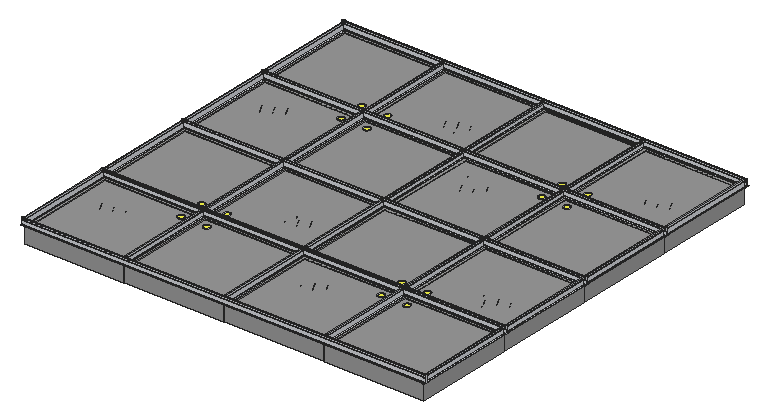
Revit family "GRD-FPG-019_FOLDED PLUG GRID_RFA", category Modelos genéricos, Revit 2022 (continued)
Definition of nested family "GRD-TLE-021_TILE 001_RFA"
  Forms (in)
    Extrusion 300, solid, not visible
      sketch origin (72.02767, 154.90856, 0) x (1, 0, 0) y (0, 0, 1)
        loop
          line (0.54761, 1.7291) -> (0.54761, 2.15016) -> (0.45704, 2.24072)
          arc (0.45704, 2.24072) -> (0.44027, 2.24767) -> (0.42351, 2.24072) r 0.02371
          line (0.42351, 2.24072) -> (0.33294, 2.15016) -> (0.33294, 1.7291)
      from 58.93614 to 81.99864
    Extrusion 301, solid, not visible
      sketch origin (96.02767, 154.90856, 0) x (1, 0, 0) y (0, 0, 1)
        loop
          line (0.42221, 1.66259) -> (0.42231, 0.67354)
          arc (0.42231, 0.67354) -> (0.41009, 0.64403) -> (0.38057, 0.6318) r 0.04174
          line (0.38057, 0.6318) -> (-0.00639, 0.6318) -> (-0.00639, 0.59057) -> (0.8874, 0.59057) -> (0.8874, 0.6318) -> (0.49998, 0.6318)
          arc (0.49998, 0.6318) -> (0.47046, 0.64403) -> (0.45824, 0.67354) r 0.04174
          line (0.45824, 0.67354) -> (0.45834, 1.66259)
          arc (0.45834, 1.66259) -> (0.46543, 1.67969) -> (0.48252, 1.68677) r 0.02418
          line (0.48252, 1.68677) -> (0.52252, 1.68677)
          arc (0.52252, 1.68677) -> (0.55303, 1.69941) -> (0.56566, 1.72991) r 0.04314
          line (0.56566, 1.72991) -> (0.56566, 2.14095)
          arc (0.56566, 2.14095) -> (0.5626, 2.15637) -> (0.55386, 2.16944) r 0.04029
          line (0.55386, 2.16944) -> (0.47053, 2.25277)
          arc (0.47053, 2.25277) -> (0.44027, 2.2653) -> (0.41002, 2.25277) r 0.04279
          line (0.41002, 2.25277) -> (0.32669, 2.16944)
          arc (0.32669, 2.16944) -> (0.31795, 2.15637) -> (0.31489, 2.14095) r 0.04029
          line (0.31489, 2.14095) -> (0.31489, 1.72991)
          arc (0.31489, 1.72991) -> (0.32752, 1.69941) -> (0.35803, 1.68677) r 0.04314
          line (0.35803, 1.68677) -> (0.39803, 1.68677)
          arc (0.39803, 1.68677) -> (0.41512, 1.67969) -> (0.42221, 1.66259) r 0.02418
        loop
          arc (0.33294, 1.7291) -> (0.34005, 1.71194) -> (0.35722, 1.70483) r 0.02428
          line (0.35722, 1.70483) -> (0.39815, 1.70483)
          arc (0.39815, 1.70483) -> (0.42797, 1.69248) -> (0.44023, 1.66266) r 0.04217
          arc (0.44023, 1.66266) -> (0.45258, 1.69248) -> (0.4824, 1.70483) r 0.04217
          line (0.4824, 1.70483) -> (0.52333, 1.70483)
          arc (0.52333, 1.70483) -> (0.54049, 1.71194) -> (0.54761, 1.7291) r 0.02428
          line (0.54761, 1.7291) -> (0.54761, 2.15016) -> (0.45704, 2.24072)
          arc (0.45704, 2.24072) -> (0.44027, 2.24767) -> (0.42351, 2.24072) r 0.02371
          line (0.42351, 2.24072) -> (0.33294, 2.15016) -> (0.33294, 1.7291)
      from 58.93614 to 81.99864
    Extrusion 302, solid, not visible
      sketch origin (24.02767, 154.90856, 0) x (1, 0, 0) y (0, 0, 1)
        loop
          line (0.42221, 1.66259) -> (0.42231, 0.67354)
          arc (0.42231, 0.67354) -> (0.41009, 0.64403) -> (0.38057, 0.6318) r 0.04174
          line (0.38057, 0.6318) -> (-0.00639, 0.6318) -> (-0.00639, 0.59057) -> (0.8874, 0.59057) -> (0.8874, 0.6318) -> (0.49998, 0.6318)
          arc (0.49998, 0.6318) -> (0.47046, 0.64403) -> (0.45824, 0.67354) r 0.04174
          line (0.45824, 0.67354) -> (0.45834, 1.66259)
          arc (0.45834, 1.66259) -> (0.46543, 1.67969) -> (0.48252, 1.68677) r 0.02418
          line (0.48252, 1.68677) -> (0.52252, 1.68677)
          arc (0.52252, 1.68677) -> (0.55303, 1.69941) -> (0.56566, 1.72991) r 0.04314
          line (0.56566, 1.72991) -> (0.56566, 2.14095)
          arc (0.56566, 2.14095) -> (0.5626, 2.15637) -> (0.55386, 2.16944) r 0.04029
          line (0.55386, 2.16944) -> (0.47053, 2.25277)
          arc (0.47053, 2.25277) -> (0.44027, 2.2653) -> (0.41002, 2.25277) r 0.04279
          line (0.41002, 2.25277) -> (0.32669, 2.16944)
          arc (0.32669, 2.16944) -> (0.31795, 2.15637) -> (0.31489, 2.14095) r 0.04029
          line (0.31489, 2.14095) -> (0.31489, 1.72991)
          arc (0.31489, 1.72991) -> (0.32752, 1.69941) -> (0.35803, 1.68677) r 0.04314
          line (0.35803, 1.68677) -> (0.39803, 1.68677)
          arc (0.39803, 1.68677) -> (0.41512, 1.67969) -> (0.42221, 1.66259) r 0.02418
        loop
          arc (0.33294, 1.7291) -> (0.34005, 1.71194) -> (0.35722, 1.70483) r 0.02428
          line (0.35722, 1.70483) -> (0.39815, 1.70483)
          arc (0.39815, 1.70483) -> (0.42797, 1.69248) -> (0.44023, 1.66266) r 0.04217
          arc (0.44023, 1.66266) -> (0.45258, 1.69248) -> (0.4824, 1.70483) r 0.04217
          line (0.4824, 1.70483) -> (0.52333, 1.70483)
          arc (0.52333, 1.70483) -> (0.54049, 1.71194) -> (0.54761, 1.7291) r 0.02428
          line (0.54761, 1.7291) -> (0.54761, 2.15016) -> (0.45704, 2.24072)
          arc (0.45704, 2.24072) -> (0.44027, 2.24767) -> (0.42351, 2.24072) r 0.02371
          line (0.42351, 2.24072) -> (0.33294, 2.15016) -> (0.33294, 1.7291)
      from 58.93614 to 81.99864
    Extrusion 303, solid, not visible
      sketch origin (0.02767, 154.90856, 0) x (1, 0, 0) y (0, 0, 1)
        loop
          line (0.42221, 1.66259) -> (0.42231, 0.67354)
          arc (0.42231, 0.67354) -> (0.41009, 0.64403) -> (0.38057, 0.6318) r 0.04174
          line (0.38057, 0.6318) -> (-0.00639, 0.6318) -> (-0.00639, 0.59057) -> (0.8874, 0.59057) -> (0.8874, 0.6318) -> (0.49998, 0.6318)
          arc (0.49998, 0.6318) -> (0.47046, 0.64403) -> (0.45824, 0.67354) r 0.04174
          line (0.45824, 0.67354) -> (0.45834, 1.66259)
          arc (0.45834, 1.66259) -> (0.46543, 1.67969) -> (0.48252, 1.68677) r 0.02418
          line (0.48252, 1.68677) -> (0.52252, 1.68677)
          arc (0.52252, 1.68677) -> (0.55303, 1.69941) -> (0.56566, 1.72991) r 0.04314
          line (0.56566, 1.72991) -> (0.56566, 2.14095)
          arc (0.56566, 2.14095) -> (0.5626, 2.15637) -> (0.55386, 2.16944) r 0.04029
          line (0.55386, 2.16944) -> (0.47053, 2.25277)
          arc (0.47053, 2.25277) -> (0.44027, 2.2653) -> (0.41002, 2.25277) r 0.04279
          line (0.41002, 2.25277) -> (0.32669, 2.16944)
          arc (0.32669, 2.16944) -> (0.31795, 2.15637) -> (0.31489, 2.14095) r 0.04029
          line (0.31489, 2.14095) -> (0.31489, 1.72991)
          arc (0.31489, 1.72991) -> (0.32752, 1.69941) -> (0.35803, 1.68677) r 0.04314
          line (0.35803, 1.68677) -> (0.39803, 1.68677)
          arc (0.39803, 1.68677) -> (0.41512, 1.67969) -> (0.42221, 1.66259) r 0.02418
        loop
          arc (0.33294, 1.7291) -> (0.34005, 1.71194) -> (0.35722, 1.70483) r 0.02428
          line (0.35722, 1.70483) -> (0.39815, 1.70483)
          arc (0.39815, 1.70483) -> (0.42797, 1.69248) -> (0.44023, 1.66266) r 0.04217
          arc (0.44023, 1.66266) -> (0.45258, 1.69248) -> (0.4824, 1.70483) r 0.04217
          line (0.4824, 1.70483) -> (0.52333, 1.70483)
          arc (0.52333, 1.70483) -> (0.54049, 1.71194) -> (0.54761, 1.7291) r 0.02428
          line (0.54761, 1.7291) -> (0.54761, 2.15016) -> (0.45704, 2.24072)
          arc (0.45704, 2.24072) -> (0.44027, 2.24767) -> (0.42351, 2.24072) r 0.02371
          line (0.42351, 2.24072) -> (0.33294, 2.15016) -> (0.33294, 1.7291)
      from 58.93614 to 81.99864
    Extrusion 304, solid, not visible
      sketch origin (48.02754, 130.90855, 0) x (1, 0, 0) y (0, 0, 1)
        loop
          line (0.42221, 1.66259) -> (0.42231, 0.67354)
          arc (0.42231, 0.67354) -> (0.41009, 0.64403) -> (0.38057, 0.6318) r 0.04174
          line (0.38057, 0.6318) -> (-0.00639, 0.6318) -> (-0.00639, 0.59057) -> (0.8874, 0.59057) -> (0.8874, 0.6318) -> (0.49998, 0.6318)
          arc (0.49998, 0.6318) -> (0.47046, 0.64403) -> (0.45824, 0.67354) r 0.04174
          line (0.45824, 0.67354) -> (0.45834, 1.66259)
          arc (0.45834, 1.66259) -> (0.46543, 1.67969) -> (0.48252, 1.68677) r 0.02418
          line (0.48252, 1.68677) -> (0.52252, 1.68677)
          arc (0.52252, 1.68677) -> (0.55303, 1.69941) -> (0.56566, 1.72991) r 0.04314
          line (0.56566, 1.72991) -> (0.56566, 2.14095)
          arc (0.56566, 2.14095) -> (0.5626, 2.15637) -> (0.55386, 2.16944) r 0.04029
          line (0.55386, 2.16944) -> (0.47053, 2.25277)
          arc (0.47053, 2.25277) -> (0.44027, 2.2653) -> (0.41002, 2.25277) r 0.04279
          line (0.41002, 2.25277) -> (0.32669, 2.16944)
          arc (0.32669, 2.16944) -> (0.31795, 2.15637) -> (0.31489, 2.14095) r 0.04029
          line (0.31489, 2.14095) -> (0.31489, 1.72991)
          arc (0.31489, 1.72991) -> (0.32752, 1.69941) -> (0.35803, 1.68677) r 0.04314
          line (0.35803, 1.68677) -> (0.39803, 1.68677)
          arc (0.39803, 1.68677) -> (0.41512, 1.67969) -> (0.42221, 1.66259) r 0.02418
        loop
          arc (0.33294, 1.7291) -> (0.34005, 1.71194) -> (0.35722, 1.70483) r 0.02428
          line (0.35722, 1.70483) -> (0.39815, 1.70483)
          arc (0.39815, 1.70483) -> (0.42797, 1.69248) -> (0.44023, 1.66266) r 0.04217
          arc (0.44023, 1.66266) -> (0.45258, 1.69248) -> (0.4824, 1.70483) r 0.04217
          line (0.4824, 1.70483) -> (0.52333, 1.70483)
          arc (0.52333, 1.70483) -> (0.54049, 1.71194) -> (0.54761, 1.7291) r 0.02428
          line (0.54761, 1.7291) -> (0.54761, 2.15016) -> (0.45704, 2.24072)
          arc (0.45704, 2.24072) -> (0.44027, 2.24767) -> (0.42351, 2.24072) r 0.02371
          line (0.42351, 2.24072) -> (0.33294, 2.15016) -> (0.33294, 1.7291)
      from 58.93614 to 81.99864
    Extrusion 305, solid, not visible
      sketch origin (72.02767, 130.90855, 0) x (1, 0, 0) y (0, 0, 1)
        loop
          line (0.42221, 1.66259) -> (0.42231, 0.67354)
          arc (0.42231, 0.67354) -> (0.41009, 0.64403) -> (0.38057, 0.6318) r 0.04174
          line (0.38057, 0.6318) -> (-0.00639, 0.6318) -> (-0.00639, 0.59057) -> (0.8874, 0.59057) -> (0.8874, 0.6318) -> (0.49998, 0.6318)
          arc (0.49998, 0.6318) -> (0.47046, 0.64403) -> (0.45824, 0.67354) r 0.04174
          line (0.45824, 0.67354) -> (0.45834, 1.66259)
          arc (0.45834, 1.66259) -> (0.46543, 1.67969) -> (0.48252, 1.68677) r 0.02418
          line (0.48252, 1.68677) -> (0.52252, 1.68677)
          arc (0.52252, 1.68677) -> (0.55303, 1.69941) -> (0.56566, 1.72991) r 0.04314
          line (0.56566, 1.72991) -> (0.56566, 2.14095)
          arc (0.56566, 2.14095) -> (0.5626, 2.15637) -> (0.55386, 2.16944) r 0.04029
          line (0.55386, 2.16944) -> (0.47053, 2.25277)
          arc (0.47053, 2.25277) -> (0.44027, 2.2653) -> (0.41002, 2.25277) r 0.04279
          line (0.41002, 2.25277) -> (0.32669, 2.16944)
          arc (0.32669, 2.16944) -> (0.31795, 2.15637) -> (0.31489, 2.14095) r 0.04029
          line (0.31489, 2.14095) -> (0.31489, 1.72991)
          arc (0.31489, 1.72991) -> (0.32752, 1.69941) -> (0.35803, 1.68677) r 0.04314
          line (0.35803, 1.68677) -> (0.39803, 1.68677)
          arc (0.39803, 1.68677) -> (0.41512, 1.67969) -> (0.42221, 1.66259) r 0.02418
        loop
          arc (0.33294, 1.7291) -> (0.34005, 1.71194) -> (0.35722, 1.70483) r 0.02428
          line (0.35722, 1.70483) -> (0.39815, 1.70483)
          arc (0.39815, 1.70483) -> (0.42797, 1.69248) -> (0.44023, 1.66266) r 0.04217
          arc (0.44023, 1.66266) -> (0.45258, 1.69248) -> (0.4824, 1.70483) r 0.04217
          line (0.4824, 1.70483) -> (0.52333, 1.70483)
          arc (0.52333, 1.70483) -> (0.54049, 1.71194) -> (0.54761, 1.7291) r 0.02428
          line (0.54761, 1.7291) -> (0.54761, 2.15016) -> (0.45704, 2.24072)
          arc (0.45704, 2.24072) -> (0.44027, 2.24767) -> (0.42351, 2.24072) r 0.02371
          line (0.42351, 2.24072) -> (0.33294, 2.15016) -> (0.33294, 1.7291)
      from 58.93614 to 81.99864
    Extrusion 306, solid, not visible
      sketch origin (96.02767, 130.90855, 0) x (1, 0, 0) y (0, 0, 1)
        loop
          line (0.42221, 1.66259) -> (0.42231, 0.67354)
          arc (0.42231, 0.67354) -> (0.41009, 0.64403) -> (0.38057, 0.6318) r 0.04174
          line (0.38057, 0.6318) -> (-0.00639, 0.6318) -> (-0.00639, 0.59057) -> (0.8874, 0.59057) -> (0.8874, 0.6318) -> (0.49998, 0.6318)
          arc (0.49998, 0.6318) -> (0.47046, 0.64403) -> (0.45824, 0.67354) r 0.04174
          line (0.45824, 0.67354) -> (0.45834, 1.66259)
          arc (0.45834, 1.66259) -> (0.46543, 1.67969) -> (0.48252, 1.68677) r 0.02418
          line (0.48252, 1.68677) -> (0.52252, 1.68677)
          arc (0.52252, 1.68677) -> (0.55303, 1.69941) -> (0.56566, 1.72991) r 0.04314
          line (0.56566, 1.72991) -> (0.56566, 2.14095)
          arc (0.56566, 2.14095) -> (0.5626, 2.15637) -> (0.55386, 2.16944) r 0.04029
          line (0.55386, 2.16944) -> (0.47053, 2.25277)
          arc (0.47053, 2.25277) -> (0.44027, 2.2653) -> (0.41002, 2.25277) r 0.04279
          line (0.41002, 2.25277) -> (0.32669, 2.16944)
          arc (0.32669, 2.16944) -> (0.31795, 2.15637) -> (0.31489, 2.14095) r 0.04029
          line (0.31489, 2.14095) -> (0.31489, 1.72991)
          arc (0.31489, 1.72991) -> (0.32752, 1.69941) -> (0.35803, 1.68677) r 0.04314
          line (0.35803, 1.68677) -> (0.39803, 1.68677)
          arc (0.39803, 1.68677) -> (0.41512, 1.67969) -> (0.42221, 1.66259) r 0.02418
        loop
          arc (0.33294, 1.7291) -> (0.34005, 1.71194) -> (0.35722, 1.70483) r 0.02428
          line (0.35722, 1.70483) -> (0.39815, 1.70483)
          arc (0.39815, 1.70483) -> (0.42797, 1.69248) -> (0.44023, 1.66266) r 0.04217
          arc (0.44023, 1.66266) -> (0.45258, 1.69248) -> (0.4824, 1.70483) r 0.04217
          line (0.4824, 1.70483) -> (0.52333, 1.70483)
          arc (0.52333, 1.70483) -> (0.54049, 1.71194) -> (0.54761, 1.7291) r 0.02428
          line (0.54761, 1.7291) -> (0.54761, 2.15016) -> (0.45704, 2.24072)
          arc (0.45704, 2.24072) -> (0.44027, 2.24767) -> (0.42351, 2.24072) r 0.02371
          line (0.42351, 2.24072) -> (0.33294, 2.15016) -> (0.33294, 1.7291)
      from 58.93614 to 81.99864
    Extrusion 307, solid, not visible
      sketch origin (24.02767, 130.90855, 0) x (1, 0, 0) y (0, 0, 1)
        loop
          line (0.42221, 1.66259) -> (0.42231, 0.67354)
          arc (0.42231, 0.67354) -> (0.41009, 0.64403) -> (0.38057, 0.6318) r 0.04174
          line (0.38057, 0.6318) -> (-0.00639, 0.6318) -> (-0.00639, 0.59057) -> (0.8874, 0.59057) -> (0.8874, 0.6318) -> (0.49998, 0.6318)
          arc (0.49998, 0.6318) -> (0.47046, 0.64403) -> (0.45824, 0.67354) r 0.04174
          line (0.45824, 0.67354) -> (0.45834, 1.66259)
          arc (0.45834, 1.66259) -> (0.46543, 1.67969) -> (0.48252, 1.68677) r 0.02418
          line (0.48252, 1.68677) -> (0.52252, 1.68677)
          arc (0.52252, 1.68677) -> (0.55303, 1.69941) -> (0.56566, 1.72991) r 0.04314
          line (0.56566, 1.72991) -> (0.56566, 2.14095)
          arc (0.56566, 2.14095) -> (0.5626, 2.15637) -> (0.55386, 2.16944) r 0.04029
          line (0.55386, 2.16944) -> (0.47053, 2.25277)
          arc (0.47053, 2.25277) -> (0.44027, 2.2653) -> (0.41002, 2.25277) r 0.04279
          line (0.41002, 2.25277) -> (0.32669, 2.16944)
          arc (0.32669, 2.16944) -> (0.31795, 2.15637) -> (0.31489, 2.14095) r 0.04029
          line (0.31489, 2.14095) -> (0.31489, 1.72991)
          arc (0.31489, 1.72991) -> (0.32752, 1.69941) -> (0.35803, 1.68677) r 0.04314
          line (0.35803, 1.68677) -> (0.39803, 1.68677)
          arc (0.39803, 1.68677) -> (0.41512, 1.67969) -> (0.42221, 1.66259) r 0.02418
        loop
          arc (0.33294, 1.7291) -> (0.34005, 1.71194) -> (0.35722, 1.70483) r 0.02428
          line (0.35722, 1.70483) -> (0.39815, 1.70483)
          arc (0.39815, 1.70483) -> (0.42797, 1.69248) -> (0.44023, 1.66266) r 0.04217
          arc (0.44023, 1.66266) -> (0.45258, 1.69248) -> (0.4824, 1.70483) r 0.04217
          line (0.4824, 1.70483) -> (0.52333, 1.70483)
          arc (0.52333, 1.70483) -> (0.54049, 1.71194) -> (0.54761, 1.7291) r 0.02428
          line (0.54761, 1.7291) -> (0.54761, 2.15016) -> (0.45704, 2.24072)
          arc (0.45704, 2.24072) -> (0.44027, 2.24767) -> (0.42351, 2.24072) r 0.02371
          line (0.42351, 2.24072) -> (0.33294, 2.15016) -> (0.33294, 1.7291)
      from 58.93614 to 81.99864
    Extrusion 308, solid, not visible
      sketch origin (0.02767, 130.90855, 0) x (1, 0, 0) y (0, 0, 1)
        loop
          line (0.42221, 1.66259) -> (0.42231, 0.67354)
          arc (0.42231, 0.67354) -> (0.41009, 0.64403) -> (0.38057, 0.6318) r 0.04174
          line (0.38057, 0.6318) -> (-0.00639, 0.6318) -> (-0.00639, 0.59057) -> (0.8874, 0.59057) -> (0.8874, 0.6318) -> (0.49998, 0.6318)
          arc (0.49998, 0.6318) -> (0.47046, 0.64403) -> (0.45824, 0.67354) r 0.04174
          line (0.45824, 0.67354) -> (0.45834, 1.66259)
          arc (0.45834, 1.66259) -> (0.46543, 1.67969) -> (0.48252, 1.68677) r 0.02418
          line (0.48252, 1.68677) -> (0.52252, 1.68677)
          arc (0.52252, 1.68677) -> (0.55303, 1.69941) -> (0.56566, 1.72991) r 0.04314
          line (0.56566, 1.72991) -> (0.56566, 2.14095)
          arc (0.56566, 2.14095) -> (0.5626, 2.15637) -> (0.55386, 2.16944) r 0.04029
          line (0.55386, 2.16944) -> (0.47053, 2.25277)
          arc (0.47053, 2.25277) -> (0.44027, 2.2653) -> (0.41002, 2.25277) r 0.04279
          line (0.41002, 2.25277) -> (0.32669, 2.16944)
          arc (0.32669, 2.16944) -> (0.31795, 2.15637) -> (0.31489, 2.14095) r 0.04029
          line (0.31489, 2.14095) -> (0.31489, 1.72991)
          arc (0.31489, 1.72991) -> (0.32752, 1.69941) -> (0.35803, 1.68677) r 0.04314
          line (0.35803, 1.68677) -> (0.39803, 1.68677)
          arc (0.39803, 1.68677) -> (0.41512, 1.67969) -> (0.42221, 1.66259) r 0.02418
        loop
          arc (0.33294, 1.7291) -> (0.34005, 1.71194) -> (0.35722, 1.70483) r 0.02428
          line (0.35722, 1.70483) -> (0.39815, 1.70483)
          arc (0.39815, 1.70483) -> (0.42797, 1.69248) -> (0.44023, 1.66266) r 0.04217
          arc (0.44023, 1.66266) -> (0.45258, 1.69248) -> (0.4824, 1.70483) r 0.04217
          line (0.4824, 1.70483) -> (0.52333, 1.70483)
          arc (0.52333, 1.70483) -> (0.54049, 1.71194) -> (0.54761, 1.7291) r 0.02428
          line (0.54761, 1.7291) -> (0.54761, 2.15016) -> (0.45704, 2.24072)
          arc (0.45704, 2.24072) -> (0.44027, 2.24767) -> (0.42351, 2.24072) r 0.02371
          line (0.42351, 2.24072) -> (0.33294, 2.15016) -> (0.33294, 1.7291)
      from 58.93614 to 81.99864
    Extrusion 309, solid, not visible
      sketch origin (48.02754, 106.90856, 0) x (1, 0, 0) y (0, 0, 1)
        loop
          line (0.42221, 1.66259) -> (0.42231, 0.67354)
          arc (0.42231, 0.67354) -> (0.41009, 0.64403) -> (0.38057, 0.6318) r 0.04174
          line (0.38057, 0.6318) -> (-0.00639, 0.6318) -> (-0.00639, 0.59057) -> (0.8874, 0.59057) -> (0.8874, 0.6318) -> (0.49998, 0.6318)
          arc (0.49998, 0.6318) -> (0.47046, 0.64403) -> (0.45824, 0.67354) r 0.04174
          line (0.45824, 0.67354) -> (0.45834, 1.66259)
          arc (0.45834, 1.66259) -> (0.46543, 1.67969) -> (0.48252, 1.68677) r 0.02418
          line (0.48252, 1.68677) -> (0.52252, 1.68677)
          arc (0.52252, 1.68677) -> (0.55303, 1.69941) -> (0.56566, 1.72991) r 0.04314
          line (0.56566, 1.72991) -> (0.56566, 2.14095)
          arc (0.56566, 2.14095) -> (0.5626, 2.15637) -> (0.55386, 2.16944) r 0.04029
          line (0.55386, 2.16944) -> (0.47053, 2.25277)
          arc (0.47053, 2.25277) -> (0.44027, 2.2653) -> (0.41002, 2.25277) r 0.04279
          line (0.41002, 2.25277) -> (0.32669, 2.16944)
          arc (0.32669, 2.16944) -> (0.31795, 2.15637) -> (0.31489, 2.14095) r 0.04029
          line (0.31489, 2.14095) -> (0.31489, 1.72991)
          arc (0.31489, 1.72991) -> (0.32752, 1.69941) -> (0.35803, 1.68677) r 0.04314
          line (0.35803, 1.68677) -> (0.39803, 1.68677)
          arc (0.39803, 1.68677) -> (0.41512, 1.67969) -> (0.42221, 1.66259) r 0.02418
        loop
          arc (0.33294, 1.7291) -> (0.34005, 1.71194) -> (0.35722, 1.70483) r 0.02428
          line (0.35722, 1.70483) -> (0.39815, 1.70483)
          arc (0.39815, 1.70483) -> (0.42797, 1.69248) -> (0.44023, 1.66266) r 0.04217
          arc (0.44023, 1.66266) -> (0.45258, 1.69248) -> (0.4824, 1.70483) r 0.04217
          line (0.4824, 1.70483) -> (0.52333, 1.70483)
          arc (0.52333, 1.70483) -> (0.54049, 1.71194) -> (0.54761, 1.7291) r 0.02428
          line (0.54761, 1.7291) -> (0.54761, 2.15016) -> (0.45704, 2.24072)
          arc (0.45704, 2.24072) -> (0.44027, 2.24767) -> (0.42351, 2.24072) r 0.02371
          line (0.42351, 2.24072) -> (0.33294, 2.15016) -> (0.33294, 1.7291)
      from 58.93614 to 81.99864
    Extrusion 310, solid, not visible
      sketch origin (72.02767, 106.90856, 0) x (1, 0, 0) y (0, 0, 1)
        loop
          line (0.42221, 1.66259) -> (0.42231, 0.67354)
          arc (0.42231, 0.67354) -> (0.41009, 0.64403) -> (0.38057, 0.6318) r 0.04174
          line (0.38057, 0.6318) -> (-0.00639, 0.6318) -> (-0.00639, 0.59057) -> (0.8874, 0.59057) -> (0.8874, 0.6318) -> (0.49998, 0.6318)
          arc (0.49998, 0.6318) -> (0.47046, 0.64403) -> (0.45824, 0.67354) r 0.04174
          line (0.45824, 0.67354) -> (0.45834, 1.66259)
          arc (0.45834, 1.66259) -> (0.46543, 1.67969) -> (0.48252, 1.68677) r 0.02418
          line (0.48252, 1.68677) -> (0.52252, 1.68677)
          arc (0.52252, 1.68677) -> (0.55303, 1.69941) -> (0.56566, 1.72991) r 0.04314
          line (0.56566, 1.72991) -> (0.56566, 2.14095)
          arc (0.56566, 2.14095) -> (0.5626, 2.15637) -> (0.55386, 2.16944) r 0.04029
          line (0.55386, 2.16944) -> (0.47053, 2.25277)
          arc (0.47053, 2.25277) -> (0.44027, 2.2653) -> (0.41002, 2.25277) r 0.04279
          line (0.41002, 2.25277) -> (0.32669, 2.16944)
          arc (0.32669, 2.16944) -> (0.31795, 2.15637) -> (0.31489, 2.14095) r 0.04029
          line (0.31489, 2.14095) -> (0.31489, 1.72991)
          arc (0.31489, 1.72991) -> (0.32752, 1.69941) -> (0.35803, 1.68677) r 0.04314
          line (0.35803, 1.68677) -> (0.39803, 1.68677)
          arc (0.39803, 1.68677) -> (0.41512, 1.67969) -> (0.42221, 1.66259) r 0.02418
        loop
          arc (0.33294, 1.7291) -> (0.34005, 1.71194) -> (0.35722, 1.70483) r 0.02428
          line (0.35722, 1.70483) -> (0.39815, 1.70483)
          arc (0.39815, 1.70483) -> (0.42797, 1.69248) -> (0.44023, 1.66266) r 0.04217
          arc (0.44023, 1.66266) -> (0.45258, 1.69248) -> (0.4824, 1.70483) r 0.04217
          line (0.4824, 1.70483) -> (0.52333, 1.70483)
          arc (0.52333, 1.70483) -> (0.54049, 1.71194) -> (0.54761, 1.7291) r 0.02428
          line (0.54761, 1.7291) -> (0.54761, 2.15016) -> (0.45704, 2.24072)
          arc (0.45704, 2.24072) -> (0.44027, 2.24767) -> (0.42351, 2.24072) r 0.02371
          line (0.42351, 2.24072) -> (0.33294, 2.15016) -> (0.33294, 1.7291)
      from 58.93614 to 81.99864
    Extrusion 311, solid, not visible
      sketch origin (96.02767, 106.90856, 0) x (1, 0, 0) y (0, 0, 1)
        loop
          line (0.42221, 1.66259) -> (0.42231, 0.67354)
          arc (0.42231, 0.67354) -> (0.41009, 0.64403) -> (0.38057, 0.6318) r 0.04174
          line (0.38057, 0.6318) -> (-0.00639, 0.6318) -> (-0.00639, 0.59057) -> (0.8874, 0.59057) -> (0.8874, 0.6318) -> (0.49998, 0.6318)
          arc (0.49998, 0.6318) -> (0.47046, 0.64403) -> (0.45824, 0.67354) r 0.04174
          line (0.45824, 0.67354) -> (0.45834, 1.66259)
          arc (0.45834, 1.66259) -> (0.46543, 1.67969) -> (0.48252, 1.68677) r 0.02418
          line (0.48252, 1.68677) -> (0.52252, 1.68677)
          arc (0.52252, 1.68677) -> (0.55303, 1.69941) -> (0.56566, 1.72991) r 0.04314
          line (0.56566, 1.72991) -> (0.56566, 2.14095)
          arc (0.56566, 2.14095) -> (0.5626, 2.15637) -> (0.55386, 2.16944) r 0.04029
          line (0.55386, 2.16944) -> (0.47053, 2.25277)
          arc (0.47053, 2.25277) -> (0.44027, 2.2653) -> (0.41002, 2.25277) r 0.04279
          line (0.41002, 2.25277) -> (0.32669, 2.16944)
          arc (0.32669, 2.16944) -> (0.31795, 2.15637) -> (0.31489, 2.14095) r 0.04029
          line (0.31489, 2.14095) -> (0.31489, 1.72991)
          arc (0.31489, 1.72991) -> (0.32752, 1.69941) -> (0.35803, 1.68677) r 0.04314
          line (0.35803, 1.68677) -> (0.39803, 1.68677)
          arc (0.39803, 1.68677) -> (0.41512, 1.67969) -> (0.42221, 1.66259) r 0.02418
        loop
          arc (0.33294, 1.7291) -> (0.34005, 1.71194) -> (0.35722, 1.70483) r 0.02428
          line (0.35722, 1.70483) -> (0.39815, 1.70483)
          arc (0.39815, 1.70483) -> (0.42797, 1.69248) -> (0.44023, 1.66266) r 0.04217
          arc (0.44023, 1.66266) -> (0.45258, 1.69248) -> (0.4824, 1.70483) r 0.04217
          line (0.4824, 1.70483) -> (0.52333, 1.70483)
          arc (0.52333, 1.70483) -> (0.54049, 1.71194) -> (0.54761, 1.7291) r 0.02428
          line (0.54761, 1.7291) -> (0.54761, 2.15016) -> (0.45704, 2.24072)
          arc (0.45704, 2.24072) -> (0.44027, 2.24767) -> (0.42351, 2.24072) r 0.02371
          line (0.42351, 2.24072) -> (0.33294, 2.15016) -> (0.33294, 1.7291)
      from 58.93614 to 81.99864
    Extrusion 312, solid, not visible
      sketch origin (24.02767, 106.90856, 0) x (1, 0, 0) y (0, 0, 1)
        loop
          line (0.42221, 1.66259) -> (0.42231, 0.67354)
          arc (0.42231, 0.67354) -> (0.41009, 0.64403) -> (0.38057, 0.6318) r 0.04174
          line (0.38057, 0.6318) -> (-0.00639, 0.6318) -> (-0.00639, 0.59057) -> (0.8874, 0.59057) -> (0.8874, 0.6318) -> (0.49998, 0.6318)
          arc (0.49998, 0.6318) -> (0.47046, 0.64403) -> (0.45824, 0.67354) r 0.04174
          line (0.45824, 0.67354) -> (0.45834, 1.66259)
          arc (0.45834, 1.66259) -> (0.46543, 1.67969) -> (0.48252, 1.68677) r 0.02418
          line (0.48252, 1.68677) -> (0.52252, 1.68677)
          arc (0.52252, 1.68677) -> (0.55303, 1.69941) -> (0.56566, 1.72991) r 0.04314
          line (0.56566, 1.72991) -> (0.56566, 2.14095)
          arc (0.56566, 2.14095) -> (0.5626, 2.15637) -> (0.55386, 2.16944) r 0.04029
          line (0.55386, 2.16944) -> (0.47053, 2.25277)
          arc (0.47053, 2.25277) -> (0.44027, 2.2653) -> (0.41002, 2.25277) r 0.04279
          line (0.41002, 2.25277) -> (0.32669, 2.16944)
          arc (0.32669, 2.16944) -> (0.31795, 2.15637) -> (0.31489, 2.14095) r 0.04029
          line (0.31489, 2.14095) -> (0.31489, 1.72991)
          arc (0.31489, 1.72991) -> (0.32752, 1.69941) -> (0.35803, 1.68677) r 0.04314
          line (0.35803, 1.68677) -> (0.39803, 1.68677)
          arc (0.39803, 1.68677) -> (0.41512, 1.67969) -> (0.42221, 1.66259) r 0.02418
        loop
          arc (0.33294, 1.7291) -> (0.34005, 1.71194) -> (0.35722, 1.70483) r 0.02428
          line (0.35722, 1.70483) -> (0.39815, 1.70483)
          arc (0.39815, 1.70483) -> (0.42797, 1.69248) -> (0.44023, 1.66266) r 0.04217
          arc (0.44023, 1.66266) -> (0.45258, 1.69248) -> (0.4824, 1.70483) r 0.04217
          line (0.4824, 1.70483) -> (0.52333, 1.70483)
          arc (0.52333, 1.70483) -> (0.54049, 1.71194) -> (0.54761, 1.7291) r 0.02428
          line (0.54761, 1.7291) -> (0.54761, 2.15016) -> (0.45704, 2.24072)
          arc (0.45704, 2.24072) -> (0.44027, 2.24767) -> (0.42351, 2.24072) r 0.02371
          line (0.42351, 2.24072) -> (0.33294, 2.15016) -> (0.33294, 1.7291)
      from 58.93614 to 81.99864
    Extrusion 313, solid, not visible
      sketch origin (0.02767, 106.90856, 0) x (1, 0, 0) y (0, 0, 1)
        loop
          line (0.42221, 1.66259) -> (0.42231, 0.67354)
          arc (0.42231, 0.67354) -> (0.41009, 0.64403) -> (0.38057, 0.6318) r 0.04174
          line (0.38057, 0.6318) -> (-0.00639, 0.6318) -> (-0.00639, 0.59057) -> (0.8874, 0.59057) -> (0.8874, 0.6318) -> (0.49998, 0.6318)
          arc (0.49998, 0.6318) -> (0.47046, 0.64403) -> (0.45824, 0.67354) r 0.04174
          line (0.45824, 0.67354) -> (0.45834, 1.66259)
          arc (0.45834, 1.66259) -> (0.46543, 1.67969) -> (0.48252, 1.68677) r 0.02418
          line (0.48252, 1.68677) -> (0.52252, 1.68677)
          arc (0.52252, 1.68677) -> (0.55303, 1.69941) -> (0.56566, 1.72991) r 0.04314
          line (0.56566, 1.72991) -> (0.56566, 2.14095)
          arc (0.56566, 2.14095) -> (0.5626, 2.15637) -> (0.55386, 2.16944) r 0.04029
          line (0.55386, 2.16944) -> (0.47053, 2.25277)
          arc (0.47053, 2.25277) -> (0.44027, 2.2653) -> (0.41002, 2.25277) r 0.04279
          line (0.41002, 2.25277) -> (0.32669, 2.16944)
          arc (0.32669, 2.16944) -> (0.31795, 2.15637) -> (0.31489, 2.14095) r 0.04029
          line (0.31489, 2.14095) -> (0.31489, 1.72991)
          arc (0.31489, 1.72991) -> (0.32752, 1.69941) -> (0.35803, 1.68677) r 0.04314
          line (0.35803, 1.68677) -> (0.39803, 1.68677)
          arc (0.39803, 1.68677) -> (0.41512, 1.67969) -> (0.42221, 1.66259) r 0.02418
        loop
          arc (0.33294, 1.7291) -> (0.34005, 1.71194) -> (0.35722, 1.70483) r 0.02428
          line (0.35722, 1.70483) -> (0.39815, 1.70483)
          arc (0.39815, 1.70483) -> (0.42797, 1.69248) -> (0.44023, 1.66266) r 0.04217
          arc (0.44023, 1.66266) -> (0.45258, 1.69248) -> (0.4824, 1.70483) r 0.04217
          line (0.4824, 1.70483) -> (0.52333, 1.70483)
          arc (0.52333, 1.70483) -> (0.54049, 1.71194) -> (0.54761, 1.7291) r 0.02428
          line (0.54761, 1.7291) -> (0.54761, 2.15016) -> (0.45704, 2.24072)
          arc (0.45704, 2.24072) -> (0.44027, 2.24767) -> (0.42351, 2.24072) r 0.02371
          line (0.42351, 2.24072) -> (0.33294, 2.15016) -> (0.33294, 1.7291)
      from 58.93614 to 81.99864
    Extrusion 314, solid, not visible
      sketch origin (48.02754, 82.90856, 0) x (1, 0, 0) y (0, 0, 1)
        loop
          line (0.42221, 1.66259) -> (0.42231, 0.67354)
          arc (0.42231, 0.67354) -> (0.41009, 0.64403) -> (0.38057, 0.6318) r 0.04174
          line (0.38057, 0.6318) -> (-0.00639, 0.6318) -> (-0.00639, 0.59057) -> (0.8874, 0.59057) -> (0.8874, 0.6318) -> (0.49998, 0.6318)
          arc (0.49998, 0.6318) -> (0.47046, 0.64403) -> (0.45824, 0.67354) r 0.04174
          line (0.45824, 0.67354) -> (0.45834, 1.66259)
          arc (0.45834, 1.66259) -> (0.46543, 1.67969) -> (0.48252, 1.68677) r 0.02418
          line (0.48252, 1.68677) -> (0.52252, 1.68677)
          arc (0.52252, 1.68677) -> (0.55303, 1.69941) -> (0.56566, 1.72991) r 0.04314
          line (0.56566, 1.72991) -> (0.56566, 2.14095)
          arc (0.56566, 2.14095) -> (0.5626, 2.15637) -> (0.55386, 2.16944) r 0.04029
          line (0.55386, 2.16944) -> (0.47053, 2.25277)
          arc (0.47053, 2.25277) -> (0.44027, 2.2653) -> (0.41002, 2.25277) r 0.04279
          line (0.41002, 2.25277) -> (0.32669, 2.16944)
          arc (0.32669, 2.16944) -> (0.31795, 2.15637) -> (0.31489, 2.14095) r 0.04029
          line (0.31489, 2.14095) -> (0.31489, 1.72991)
          arc (0.31489, 1.72991) -> (0.32752, 1.69941) -> (0.35803, 1.68677) r 0.04314
          line (0.35803, 1.68677) -> (0.39803, 1.68677)
          arc (0.39803, 1.68677) -> (0.41512, 1.67969) -> (0.42221, 1.66259) r 0.02418
        loop
          arc (0.33294, 1.7291) -> (0.34005, 1.71194) -> (0.35722, 1.70483) r 0.02428
          line (0.35722, 1.70483) -> (0.39815, 1.70483)
          arc (0.39815, 1.70483) -> (0.42797, 1.69248) -> (0.44023, 1.66266) r 0.04217
          arc (0.44023, 1.66266) -> (0.45258, 1.69248) -> (0.4824, 1.70483) r 0.04217
          line (0.4824, 1.70483) -> (0.52333, 1.70483)
          arc (0.52333, 1.70483) -> (0.54049, 1.71194) -> (0.54761, 1.7291) r 0.02428
          line (0.54761, 1.7291) -> (0.54761, 2.15016) -> (0.45704, 2.24072)
          arc (0.45704, 2.24072) -> (0.44027, 2.24767) -> (0.42351, 2.24072) r 0.02371
          line (0.42351, 2.24072) -> (0.33294, 2.15016) -> (0.33294, 1.7291)
      from 58.93614 to 81.99864
    Extrusion 315, solid, not visible
      sketch origin (72.02767, 82.90856, 0) x (1, 0, 0) y (0, 0, 1)
        loop
          line (0.42221, 1.66259) -> (0.42231, 0.67354)
          arc (0.42231, 0.67354) -> (0.41009, 0.64403) -> (0.38057, 0.6318) r 0.04174
          line (0.38057, 0.6318) -> (-0.00639, 0.6318) -> (-0.00639, 0.59057) -> (0.8874, 0.59057) -> (0.8874, 0.6318) -> (0.49998, 0.6318)
          arc (0.49998, 0.6318) -> (0.47046, 0.64403) -> (0.45824, 0.67354) r 0.04174
          line (0.45824, 0.67354) -> (0.45834, 1.66259)
          arc (0.45834, 1.66259) -> (0.46543, 1.67969) -> (0.48252, 1.68677) r 0.02418
          line (0.48252, 1.68677) -> (0.52252, 1.68677)
          arc (0.52252, 1.68677) -> (0.55303, 1.69941) -> (0.56566, 1.72991) r 0.04314
          line (0.56566, 1.72991) -> (0.56566, 2.14095)
          arc (0.56566, 2.14095) -> (0.5626, 2.15637) -> (0.55386, 2.16944) r 0.04029
          line (0.55386, 2.16944) -> (0.47053, 2.25277)
          arc (0.47053, 2.25277) -> (0.44027, 2.2653) -> (0.41002, 2.25277) r 0.04279
          line (0.41002, 2.25277) -> (0.32669, 2.16944)
          arc (0.32669, 2.16944) -> (0.31795, 2.15637) -> (0.31489, 2.14095) r 0.04029
          line (0.31489, 2.14095) -> (0.31489, 1.72991)
          arc (0.31489, 1.72991) -> (0.32752, 1.69941) -> (0.35803, 1.68677) r 0.04314
          line (0.35803, 1.68677) -> (0.39803, 1.68677)
          arc (0.39803, 1.68677) -> (0.41512, 1.67969) -> (0.42221, 1.66259) r 0.02418
        loop
          arc (0.33294, 1.7291) -> (0.34005, 1.71194) -> (0.35722, 1.70483) r 0.02428
          line (0.35722, 1.70483) -> (0.39815, 1.70483)
          arc (0.39815, 1.70483) -> (0.42797, 1.69248) -> (0.44023, 1.66266) r 0.04217
          arc (0.44023, 1.66266) -> (0.45258, 1.69248) -> (0.4824, 1.70483) r 0.04217
          line (0.4824, 1.70483) -> (0.52333, 1.70483)
          arc (0.52333, 1.70483) -> (0.54049, 1.71194) -> (0.54761, 1.7291) r 0.02428
          line (0.54761, 1.7291) -> (0.54761, 2.15016) -> (0.45704, 2.24072)
          arc (0.45704, 2.24072) -> (0.44027, 2.24767) -> (0.42351, 2.24072) r 0.02371
          line (0.42351, 2.24072) -> (0.33294, 2.15016) -> (0.33294, 1.7291)
      from 58.93614 to 81.99864
    Extrusion 316, solid, not visible
      sketch origin (96.02767, 82.90856, 0) x (1, 0, 0) y (0, 0, 1)
        loop
          line (0.42221, 1.66259) -> (0.42231, 0.67354)
          arc (0.42231, 0.67354) -> (0.41009, 0.64403) -> (0.38057, 0.6318) r 0.04174
          line (0.38057, 0.6318) -> (-0.00639, 0.6318) -> (-0.00639, 0.59057) -> (0.8874, 0.59057) -> (0.8874, 0.6318) -> (0.49998, 0.6318)
          arc (0.49998, 0.6318) -> (0.47046, 0.64403) -> (0.45824, 0.67354) r 0.04174
          line (0.45824, 0.67354) -> (0.45834, 1.66259)
          arc (0.45834, 1.66259) -> (0.46543, 1.67969) -> (0.48252, 1.68677) r 0.02418
          line (0.48252, 1.68677) -> (0.52252, 1.68677)
          arc (0.52252, 1.68677) -> (0.55303, 1.69941) -> (0.56566, 1.72991) r 0.04314
          line (0.56566, 1.72991) -> (0.56566, 2.14095)
          arc (0.56566, 2.14095) -> (0.5626, 2.15637) -> (0.55386, 2.16944) r 0.04029
          line (0.55386, 2.16944) -> (0.47053, 2.25277)
          arc (0.47053, 2.25277) -> (0.44027, 2.2653) -> (0.41002, 2.25277) r 0.04279
          line (0.41002, 2.25277) -> (0.32669, 2.16944)
          arc (0.32669, 2.16944) -> (0.31795, 2.15637) -> (0.31489, 2.14095) r 0.04029
          line (0.31489, 2.14095) -> (0.31489, 1.72991)
          arc (0.31489, 1.72991) -> (0.32752, 1.69941) -> (0.35803, 1.68677) r 0.04314
          line (0.35803, 1.68677) -> (0.39803, 1.68677)
          arc (0.39803, 1.68677) -> (0.41512, 1.67969) -> (0.42221, 1.66259) r 0.02418
        loop
          arc (0.33294, 1.7291) -> (0.34005, 1.71194) -> (0.35722, 1.70483) r 0.02428
          line (0.35722, 1.70483) -> (0.39815, 1.70483)
          arc (0.39815, 1.70483) -> (0.42797, 1.69248) -> (0.44023, 1.66266) r 0.04217
          arc (0.44023, 1.66266) -> (0.45258, 1.69248) -> (0.4824, 1.70483) r 0.04217
          line (0.4824, 1.70483) -> (0.52333, 1.70483)
          arc (0.52333, 1.70483) -> (0.54049, 1.71194) -> (0.54761, 1.7291) r 0.02428
          line (0.54761, 1.7291) -> (0.54761, 2.15016) -> (0.45704, 2.24072)
          arc (0.45704, 2.24072) -> (0.44027, 2.24767) -> (0.42351, 2.24072) r 0.02371
          line (0.42351, 2.24072) -> (0.33294, 2.15016) -> (0.33294, 1.7291)
      from 58.93614 to 81.99864
    Extrusion 317, solid, not visible
      sketch origin (24.02767, 82.90856, 0) x (1, 0, 0) y (0, 0, 1)
        loop
          line (0.42221, 1.66259) -> (0.42231, 0.67354)
          arc (0.42231, 0.67354) -> (0.41009, 0.64403) -> (0.38057, 0.6318) r 0.04174
          line (0.38057, 0.6318) -> (-0.00639, 0.6318) -> (-0.00639, 0.59057) -> (0.8874, 0.59057) -> (0.8874, 0.6318) -> (0.49998, 0.6318)
          arc (0.49998, 0.6318) -> (0.47046, 0.64403) -> (0.45824, 0.67354) r 0.04174
          line (0.45824, 0.67354) -> (0.45834, 1.66259)
          arc (0.45834, 1.66259) -> (0.46543, 1.67969) -> (0.48252, 1.68677) r 0.02418
          line (0.48252, 1.68677) -> (0.52252, 1.68677)
          arc (0.52252, 1.68677) -> (0.55303, 1.69941) -> (0.56566, 1.72991) r 0.04314
          line (0.56566, 1.72991) -> (0.56566, 2.14095)
          arc (0.56566, 2.14095) -> (0.5626, 2.15637) -> (0.55386, 2.16944) r 0.04029
          line (0.55386, 2.16944) -> (0.47053, 2.25277)
          arc (0.47053, 2.25277) -> (0.44027, 2.2653) -> (0.41002, 2.25277) r 0.04279
          line (0.41002, 2.25277) -> (0.32669, 2.16944)
          arc (0.32669, 2.16944) -> (0.31795, 2.15637) -> (0.31489, 2.14095) r 0.04029
          line (0.31489, 2.14095) -> (0.31489, 1.72991)
          arc (0.31489, 1.72991) -> (0.32752, 1.69941) -> (0.35803, 1.68677) r 0.04314
          line (0.35803, 1.68677) -> (0.39803, 1.68677)
          arc (0.39803, 1.68677) -> (0.41512, 1.67969) -> (0.42221, 1.66259) r 0.02418
        loop
          arc (0.33294, 1.7291) -> (0.34005, 1.71194) -> (0.35722, 1.70483) r 0.02428
          line (0.35722, 1.70483) -> (0.39815, 1.70483)
          arc (0.39815, 1.70483) -> (0.42797, 1.69248) -> (0.44023, 1.66266) r 0.04217
          arc (0.44023, 1.66266) -> (0.45258, 1.69248) -> (0.4824, 1.70483) r 0.04217
          line (0.4824, 1.70483) -> (0.52333, 1.70483)
          arc (0.52333, 1.70483) -> (0.54049, 1.71194) -> (0.54761, 1.7291) r 0.02428
          line (0.54761, 1.7291) -> (0.54761, 2.15016) -> (0.45704, 2.24072)
          arc (0.45704, 2.24072) -> (0.44027, 2.24767) -> (0.42351, 2.24072) r 0.02371
          line (0.42351, 2.24072) -> (0.33294, 2.15016) -> (0.33294, 1.7291)
      from 58.93614 to 81.99864
    Extrusion 318, solid, not visible
      sketch origin (0.02767, 82.90856, 0) x (1, 0, 0) y (0, 0, 1)
        loop
          line (0.42221, 1.66259) -> (0.42231, 0.67354)
          arc (0.42231, 0.67354) -> (0.41009, 0.64403) -> (0.38057, 0.6318) r 0.04174
          line (0.38057, 0.6318) -> (-0.00639, 0.6318) -> (-0.00639, 0.59057) -> (0.8874, 0.59057) -> (0.8874, 0.6318) -> (0.49998, 0.6318)
          arc (0.49998, 0.6318) -> (0.47046, 0.64403) -> (0.45824, 0.67354) r 0.04174
          line (0.45824, 0.67354) -> (0.45834, 1.66259)
          arc (0.45834, 1.66259) -> (0.46543, 1.67969) -> (0.48252, 1.68677) r 0.02418
          line (0.48252, 1.68677) -> (0.52252, 1.68677)
          arc (0.52252, 1.68677) -> (0.55303, 1.69941) -> (0.56566, 1.72991) r 0.04314
          line (0.56566, 1.72991) -> (0.56566, 2.14095)
          arc (0.56566, 2.14095) -> (0.5626, 2.15637) -> (0.55386, 2.16944) r 0.04029
          line (0.55386, 2.16944) -> (0.47053, 2.25277)
          arc (0.47053, 2.25277) -> (0.44027, 2.2653) -> (0.41002, 2.25277) r 0.04279
          line (0.41002, 2.25277) -> (0.32669, 2.16944)
          arc (0.32669, 2.16944) -> (0.31795, 2.15637) -> (0.31489, 2.14095) r 0.04029
          line (0.31489, 2.14095) -> (0.31489, 1.72991)
          arc (0.31489, 1.72991) -> (0.32752, 1.69941) -> (0.35803, 1.68677) r 0.04314
          line (0.35803, 1.68677) -> (0.39803, 1.68677)
          arc (0.39803, 1.68677) -> (0.41512, 1.67969) -> (0.42221, 1.66259) r 0.02418
        loop
          arc (0.33294, 1.7291) -> (0.34005, 1.71194) -> (0.35722, 1.70483) r 0.02428
          line (0.35722, 1.70483) -> (0.39815, 1.70483)
          arc (0.39815, 1.70483) -> (0.42797, 1.69248) -> (0.44023, 1.66266) r 0.04217
          arc (0.44023, 1.66266) -> (0.45258, 1.69248) -> (0.4824, 1.70483) r 0.04217
          line (0.4824, 1.70483) -> (0.52333, 1.70483)
          arc (0.52333, 1.70483) -> (0.54049, 1.71194) -> (0.54761, 1.7291) r 0.02428
          line (0.54761, 1.7291) -> (0.54761, 2.15016) -> (0.45704, 2.24072)
          arc (0.45704, 2.24072) -> (0.44027, 2.24767) -> (0.42351, 2.24072) r 0.02371
          line (0.42351, 2.24072) -> (0.33294, 2.15016) -> (0.33294, 1.7291)
      from 58.93614 to 81.99864
  Dimensions and locks (in)
    aligned and locked: level to plane 2
